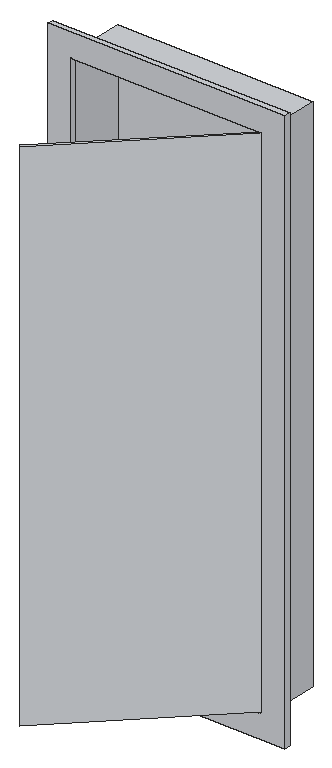
Revit family "Hager-Volta-IP30-Flush_mounted-leer-NoHosted-DE-de", category Electrical Equipment, Revit 2020
Family settings
  Panel Configuration = Two Columns, Circuits Across
  Round Connector Dimension = Use Diameter
  Part Type = Panelboard
  Work Plane-Based = Yes
  Always vertical = Yes
  Cut with Voids When Loaded = No
  Shared = No
  Room Calculation Point = No
Parameters (values of type "Unterputz IP30 B348 H880.5 T98 12 Teilungseinheiten - VU60WWV")
  Width Control [instance] = if([HG000006 - Unterputz], if([EF000846 - Einbaubreite] > min_whd, [EF000846 - Einbaubreite], min_whd), if([EF000008 - Breite] > min_whd, ([EF000008 - Breite]), min_whd))  # 314 mm
  Void Depth [instance] = if([EF000218 - Einbautiefe] > 1 mm, [EF000218 - Einbautiefe], 1 mm)  # 89 mm
  Type Comments = [HG000003 - Bereich]  # "Volta"
  System Height [instance] = Height Control - 2 * [HG000005 - Dicke]  # 839 mm
  Panel Name [instance] = ""  # (empty or 0)
  Offset [instance] = 0 mm
  Model = [HG000004 - Herstellerreferenz]  # "VU60WWV"
  Level Offset [instance] = [Flush Mounted - Door Frame Width] + Offset  # 35 mm
  HG000017 - Distanz zwischen den Polen = 18 mm
  HG000016 - 3D-Türsichtbarkeit [instance] = yes
  HG000015 - Sichtbarkeit der Türöffnung [instance] = no
  HG000014 - Tür rechts [instance] = yes
  HG000013 - Tür links [instance] = not([HG000014 - Tür rechts])  # no
  HG000012 - Türschwenkwinkel [instance] = 45.00°
  HG000011 - Leere Reihen von unten = no
  HG000010 - Asymmetrische Türen = no
  HG000009 - Doppelflügeligen Tür = no
  HG000008 - Anzahl der leeren Reihen = 0
  HG000007 - Anzahl der leeren Spalten = 0
  HG000006 - Unterputz = yes
  HG000005 - Dicke = 3 mm  # constant formula
  HG000004 - Herstellerreferenz = "VU60WWV"
  HG000003 - Bereich = "Volta"
  HG000002 - Mit tür = yes
  HG000001 - Anzahl der Spalten = 0
  EF015941 - Signaldurchlassende Tür = yes
  EF015777 - Neutralleiterklemmenblock = no
  EF015776 - Erdungsklemmenblock = no
  EF009212 - Ausführung Deckel = "EV009916 - mit Ausschnitt"
  EF006306 - Mit Schloss = no
  EF006244 - Transparenter Deckel/Tür = no
  EF005474 - Schutzart (IP) = "EV006410 - IP30"
  EF004462 - Art der Schließung = "EV000154 - sonstige"
  EF002950 - Breite in Teilungseinheiten = 12
  EF001596 - Werkstoff des Gehäuses = "EV000154 - sonstige"
  EF001134 - DIN-Schiene = yes
  EF001131 - Innentiefe = 92 mm
  EF001088 - Anbaumöglichkeit = yes
  EF001062 - EMV-Ausführung = no
  EF000846 - Einbaubreite = 314 mm
  EF000339 - Art der Abdeckung = "EV004216 - Tür"
  EF000332 - Einbauhöhe = 845 mm
  EF000266 - Anzahl der Reihen = 0
  EF000218 - Einbautiefe = 89 mm
  EF000118 - Mit Montageplatte = yes
  EF000116 - RAL-Nummer = "9010"
  EF000049 - Tiefe = 98 mm
  EF000040 - Höhe = 880 mm
  EF000008 - Breite = 348 mm
  EF000007 - Farbe = "EV000202 - weiß"
  EF000003 - Montageart = "EV000383 - Unterputz"
  Description = ""
  Default Elevation = 1219.2 mm
  Arrow Offset [instance] = Depth Control / 8  # 11.125 mm
  Arrow Height [instance] = Depth Control - Arrow Offset  # 77.875 mm
  Host Offset [instance] = if([HG000006 - Unterputz], 0 mm, [EF000049 - Tiefe])  # 0 mm
  min_whd [instance] = (2 * [HG000005 - Dicke]) + 1 mm  # 7 mm
  Manufacturer = "Hager"  # constant formula
  Height Control [instance] = if([HG000006 - Unterputz], if([EF000332 - Einbauhöhe] > min_whd, [EF000332 - Einbauhöhe], min_whd), if([EF000040 - Höhe] > min_whd, ([EF000040 - Höhe]), min_whd))  # 845 mm
  Flush Mounted - Door Frame Width [instance] = if(([EF000040 - Höhe] - [EF000332 - Einbauhöhe]) > 0 mm, if([HG000006 - Unterputz], [EF000040 - Höhe] - [EF000332 - Einbauhöhe], 0 mm), 0 mm)  # 35 mm
  Depth Control [instance] = if([HG000006 - Unterputz], if([EF000218 - Einbautiefe] > 0 mm, [EF000218 - Einbautiefe], 1 mm), if([EF000049 - Tiefe] > 0 mm, ([EF000049 - Tiefe]), 1 mm))  # 89 mm
Types (22, lengths in mm): name | Width Control | Void Depth | System Height | Model | Level Offset | HG000004 - Herstellerreferenz | HG000002 - Mit tür | EF015941 - Signaldurchlassende Tür | EF009212 - Ausführung Deckel | EF005474 - Schutzart (IP) | EF004462 - Art der Schließung | EF001596 - Werkstoff des Gehäuses | EF001134 - DIN-Schiene | EF001062 - EMV-Ausführung | EF000846 - Einbaubreite | EF000339 - Art der Abdeckung | EF000332 - Einbauhöhe | EF000266 - Anzahl der Reihen | EF000218 - Einbautiefe | EF000118 - Mit Montageplatte | EF000116 - RAL-Nummer | EF000049 - Tiefe | EF000040 - Höhe | EF000008 - Breite | EF000007 - Farbe | Arrow Offset | Arrow Height | Height Control | Flush Mounted - Door Frame Width | Depth Control
  Unterputz  B330 H355 T94.5 12 Teilungseinheiten - VU12NK | 335 | 90 | 340 | "VU12NK" | 9 | "VU12NK" | no | no | "EV000116 - geschlossen" | "" | "" | "EV000139 - Kunststoff" | no | yes | 335 | "" | 346 | 1 | 90 | no | "7035" | 94 | 355 | 330 | "EV000270 - grau" | 11.25 | 78.75 | 346 | 9 | 90
  Unterputz  B330 H484 T94.5 12 Teilungseinheiten - VU24NK | 335 | 90 | 465 | "VU24NK" | 13 | "VU24NK" | no | no | "EV000116 - geschlossen" | "" | "" | "EV000139 - Kunststoff" | no | yes | 335 | "" | 471 | 2 | 90 | no | "7035" | 94 | 484 | 330 | "EV000270 - grau" | 11.25 | 78.75 | 471 | 13 | 90
  Unterputz  B330 H609 T94.5 12 Teilungseinheiten - VU36NK | 335 | 90 | 590 | "VU36NK" | 13 | "VU36NK" | no | no | "EV000116 - geschlossen" | "" | "" | "EV000139 - Kunststoff" | no | yes | 335 | "" | 596 | 3 | 90 | no | "7035" | 94 | 609 | 330 | "EV000270 - grau" | 11.25 | 78.75 | 596 | 13 | 90
  Unterputz  B330 H734 T94.5 12 Teilungseinheiten - VU48NK | 335 | 90 | 715 | "VU48NK" | 13 | "VU48NK" | no | no | "EV000116 - geschlossen" | "" | "" | "EV000139 - Kunststoff" | no | yes | 335 | "" | 721 | 4 | 90 | no | "7035" | 94 | 734 | 330 | "EV000270 - grau" | 11.25 | 78.75 | 721 | 13 | 90
  Unterputz  B348 H880 T94.5 12 Teilungseinheiten - VU60NK | 335 | 90 | 840 | "VU60NK" | 34 | "VU60NK" | no | no | "EV000116 - geschlossen" | "" | "" | "EV000139 - Kunststoff" | no | yes | 335 | "" | 846 | 5 | 90 | no | "7035" | 94 | 880 | 348 | "EV000270 - grau" | 11.25 | 78.75 | 846 | 34 | 90
  Unterputz IP30 B348 H505.5 T98 12 Teilungseinheiten - VU24NWB | 314 | 89 | 464 | "VU24NWB" | 36 | "VU24NWB" | yes | no | "EV009916 - mit Ausschnitt" | "EV006410 - IP30" | "EV000154 - sonstige" | "EV000154 - sonstige" | yes | no | 314 | "EV004216 - Tür" | 470 | 0 | 89 | yes | "9010" | 98 | 506 | 348 | "EV000202 - weiß" | 11.125 | 77.875 | 470 | 36 | 89
  Unterputz IP30 B348 H630.5 T98 12 Teilungseinheiten - VU36NKM | 314 | 89 | 589 | "VU36NKM" | 35 | "VU36NKM" | no | no | "EV000116 - geschlossen" | "EV006410 - IP30" | "" | "EV000139 - Kunststoff" | yes | no | 314 | "" | 595 | 0 | 89 | yes | "7035" | 98 | 630 | 348 | "EV000270 - grau" | 11.125 | 77.875 | 595 | 35 | 89
  Unterputz IP30 B348 H630.5 T98 12 Teilungseinheiten - VU36NW | 314 | 89 | 589 | "VU36NW" | 35 | "VU36NW" | yes | no | "EV009916 - mit Ausschnitt" | "EV006410 - IP30" | "EV000154 - sonstige" | "EV000154 - sonstige" | yes | no | 314 | "EV004216 - Tür" | 595 | 0 | 89 | yes | "9010" | 98 | 630 | 348 | "EV000202 - weiß" | 11.125 | 77.875 | 595 | 35 | 89
  Unterputz IP30 B348 H630.5 T98 12 Teilungseinheiten - VU36NWB | 314 | 89 | 589 | "VU36NWB" | 35 | "VU36NWB" | yes | no | "EV009916 - mit Ausschnitt" | "EV006410 - IP30" | "EV000154 - sonstige" | "EV000154 - sonstige" | yes | no | 314 | "EV004216 - Tür" | 595 | 0 | 89 | yes | "9010" | 98 | 630 | 348 | "EV000202 - weiß" | 11.125 | 77.875 | 595 | 35 | 89
  Unterputz IP30 B348 H630.5 T98 12 Teilungseinheiten - VU36WWH | 314 | 89 | 589 | "VU36WWH" | 35 | "VU36WWH" | yes | yes | "EV009916 - mit Ausschnitt" | "EV006410 - IP30" | "EV000154 - sonstige" | "EV000154 - sonstige" | yes | no | 314 | "EV004216 - Tür" | 595 | 0 | 89 | yes | "9010" | 98 | 630 | 348 | "EV000202 - weiß" | 11.125 | 77.875 | 595 | 35 | 89
  Unterputz IP30 B348 H755.5 T98 12 Teilungseinheiten - VU48MMV | 314 | 89 | 714 | "VU48MMV" | 36 | "VU48MMV" | yes | no | "EV009916 - mit Ausschnitt" | "EV006410 - IP30" | "EV000154 - sonstige" | "EV000154 - sonstige" | yes | no | 314 | "EV004216 - Tür" | 720 | 0 | 89 | yes | "9010" | 98 | 756 | 348 | "EV000202 - weiß" | 11.125 | 77.875 | 720 | 36 | 89
  Unterputz IP30 B348 H755.5 T98 12 Teilungseinheiten - VU48NKM | 314 | 89 | 714 | "VU48NKM" | 36 | "VU48NKM" | no | no | "EV000116 - geschlossen" | "EV006410 - IP30" | "" | "EV000139 - Kunststoff" | yes | no | 314 | "" | 720 | 0 | 89 | yes | "7035" | 98 | 756 | 348 | "EV000270 - grau" | 11.125 | 77.875 | 720 | 36 | 89
  Unterputz IP30 B348 H755.5 T98 12 Teilungseinheiten - VU48NW | 314 | 89 | 714 | "VU48NW" | 36 | "VU48NW" | yes | no | "EV009916 - mit Ausschnitt" | "EV006410 - IP30" | "EV000154 - sonstige" | "EV000154 - sonstige" | yes | no | 314 | "EV004216 - Tür" | 720 | 0 | 89 | yes | "9010" | 98 | 756 | 348 | "EV000202 - weiß" | 11.125 | 77.875 | 720 | 36 | 89
  Unterputz IP30 B348 H755.5 T98 12 Teilungseinheiten - VU48NWB | 314 | 89 | 714 | "VU48NWB" | 36 | "VU48NWB" | yes | no | "EV009916 - mit Ausschnitt" | "EV006410 - IP30" | "EV000154 - sonstige" | "EV000154 - sonstige" | yes | no | 314 | "EV004216 - Tür" | 720 | 0 | 89 | yes | "9010" | 98 | 756 | 348 | "EV000202 - weiß" | 11.125 | 77.875 | 720 | 36 | 89
  Unterputz IP30 B348 H755.5 T98 12 Teilungseinheiten - VU48WWH | 314 | 89 | 714 | "VU48WWH" | 36 | "VU48WWH" | yes | yes | "EV009916 - mit Ausschnitt" | "EV006410 - IP30" | "EV000154 - sonstige" | "EV000154 - sonstige" | yes | no | 314 | "EV004216 - Tür" | 720 | 0 | 89 | yes | "9010" | 98 | 756 | 348 | "EV000202 - weiß" | 11.125 | 77.875 | 720 | 36 | 89
  Unterputz IP30 B348 H755.5 T98 12 Teilungseinheiten - VU48WWV | 314 | 89 | 714 | "VU48WWV" | 36 | "VU48WWV" | yes | yes | "EV009916 - mit Ausschnitt" | "EV006410 - IP30" | "EV000154 - sonstige" | "EV000154 - sonstige" | yes | no | 314 | "EV004216 - Tür" | 720 | 0 | 89 | yes | "9010" | 98 | 756 | 348 | "EV000202 - weiß" | 11.125 | 77.875 | 720 | 36 | 89
  Unterputz IP30 B348 H880.5 T98 12 Teilungseinheiten - VU60MMV | 314 | 89 | 839 | "VU60MMV" | 35 | "VU60MMV" | yes | no | "EV009916 - mit Ausschnitt" | "EV006410 - IP30" | "EV000154 - sonstige" | "EV000154 - sonstige" | yes | no | 314 | "EV004216 - Tür" | 845 | 0 | 89 | yes | "9010" | 98 | 880 | 348 | "EV000202 - weiß" | 11.125 | 77.875 | 845 | 35 | 89
  Unterputz IP30 B348 H880.5 T98 12 Teilungseinheiten - VU60NKM | 314 | 89 | 839 | "VU60NKM" | 35 | "VU60NKM" | no | no | "EV000116 - geschlossen" | "EV006410 - IP30" | "" | "EV000139 - Kunststoff" | yes | no | 314 | "" | 845 | 0 | 89 | yes | "7035" | 98 | 880 | 348 | "EV000270 - grau" | 11.125 | 77.875 | 845 | 35 | 89
  Unterputz IP30 B348 H880.5 T98 12 Teilungseinheiten - VU60NW | 314 | 89 | 839 | "VU60NW" | 35 | "VU60NW" | yes | no | "EV009916 - mit Ausschnitt" | "EV006410 - IP30" | "EV000154 - sonstige" | "EV000154 - sonstige" | yes | no | 314 | "EV004216 - Tür" | 845 | 0 | 89 | yes | "9010" | 98 | 880 | 348 | "EV000202 - weiß" | 11.125 | 77.875 | 845 | 35 | 89
  Unterputz IP30 B348 H880.5 T98 12 Teilungseinheiten - VU60NWB | 314 | 89 | 839 | "VU60NWB" | 35 | "VU60NWB" | yes | no | "EV009916 - mit Ausschnitt" | "EV006410 - IP30" | "EV000154 - sonstige" | "EV000154 - sonstige" | yes | no | 314 | "EV004216 - Tür" | 845 | 0 | 89 | yes | "9010" | 98 | 880 | 348 | "EV000202 - weiß" | 11.125 | 77.875 | 845 | 35 | 89
  Unterputz IP30 B348 H880.5 T98 12 Teilungseinheiten - VU60WWH | 314 | 89 | 839 | "VU60WWH" | 35 | "VU60WWH" | yes | yes | "EV009916 - mit Ausschnitt" | "EV006410 - IP30" | "EV000154 - sonstige" | "EV000154 - sonstige" | yes | no | 314 | "EV004216 - Tür" | 845 | 0 | 89 | yes | "9010" | 98 | 880 | 348 | "EV000202 - weiß" | 11.125 | 77.875 | 845 | 35 | 89
  Unterputz IP30 B348 H880.5 T98 12 Teilungseinheiten - VU60WWV | 314 | 89 | 839 | "VU60WWV" | 35 | "VU60WWV" | yes | yes | "EV009916 - mit Ausschnitt" | "EV006410 - IP30" | "EV000154 - sonstige" | "EV000154 - sonstige" | yes | no | 314 | "EV004216 - Tür" | 845 | 0 | 89 | yes | "9010" | 98 | 880 | 348 | "EV000202 - weiß" | 11.125 | 77.875 | 845 | 35 | 89
Reference planes
  plane 1 "Center (Front/Back)": y = 0
  plane 2: z = 0
  plane 3 "Center (Left/Right)": x = 0
  plane 4: y = 38
  plane 5: y = 89
  plane 6: y = 35
  plane 7: z = 0
  plane 8: x = -157
  plane 9: x = 157
  plane 10: x = 154
  plane 11: x = -154
  plane 12: z = 35
  plane 13: z = 38
  plane 14: y = 5
  plane 15: y = 0
  plane 16: y = 86
  plane 17: z = 877
  plane 18: z = 880
  plane 19: z = 457.5
  plane 20: x = 0
  plane 21: y = -100
Forms (mm)
  Extrusion 1, solid
    sketch origin (-208.679, -4572, 35) x (-1, 0, 0) y (0, -1, 0)
      loop
        line (-51.679, -4572) -> (-365.679, -4572) -> (-365.679, -4661) -> (-51.679, -4661) -> (-51.679, -4572)
    from 0 to 845 <- "Height Control"
  Extrusion 2, void
    sketch origin (-350.771, 0, 1219.2) x (1, 0, 0) y (0, 0, 1)
      loop
        line (196.771, -342.2) -> (196.771, -1181.2) -> (504.771, -1181.2) -> (504.771, -342.2) -> (196.771, -342.2)
    from 0 to -86
  Extrusion 3, solid, detail levels coarse+medium
    sketch origin (-350.771, 0, 1219.2) x (-1, 0, 0) y (0, 0, 1)
      loop
        line (-196.771, -342.2) -> (-504.771, -342.2) -> (-504.771, -1181.2) -> (-196.771, -1181.2) -> (-196.771, -342.2)
    from 0 to 3 <- "HG000005 - Dicke"
Cuts and joins
  Extrusion 2 cuts Extrusion 1
Dimensions and locks
  "Flush Mounted - Door Frame Width": plane 1 "Center (Front/Back)" to plane 6
  "HG000005 - Dicke": plane 4 to plane 6
  "HG000005 - Dicke": plane 8 to plane 11
  "HG000005 - Dicke": plane 9 to plane 10
  equal spacing: plane 8, plane 3 "Center (Left/Right)", plane 9
  "Width Control": plane 8 to plane 9
  locked: plane 14 to plane 15 at 5
  "Host Offset": plane 1 "Center (Front/Back)" to plane 15
  "Depth Control": plane 5 to plane 15
  "HG000005 - Dicke": plane 5 to plane 16
  "HG000005 - Dicke": plane 13 to plane 12
  "Level Offset": plane 12 to level
  "HG000005 - Dicke": plane 18 to plane 17
  "Height Control": plane 18 to plane 12
  "Arrow Offset": plane 5 to nested 4
  equal spacing: plane 18, plane 19, plane 12
  locked: connector elem to plane 19
  locked: connector elem to plane 3 "Center (Left/Right)"
  aligned and locked: nested 1 to plane 14
  aligned and locked: plane 3 "Center (Left/Right)" to nested 1
  aligned and locked: plane 3 "Center (Left/Right)" to nested 2
  aligned and locked: nested 2 to plane 15
  aligned and locked: plane 5 to Extrusion 1
  aligned and locked: Extrusion 3 sketch curve to plane 17
  aligned and locked: Extrusion 3 sketch curve to plane 11
  aligned and locked: plane 13 to Extrusion 3 sketch curve
  aligned and locked: Extrusion 3 sketch curve to plane 10
  aligned and locked: plane 13 to Extrusion 2 sketch curve
  aligned and locked: Extrusion 2 sketch curve to plane 10
  aligned and locked: Extrusion 2 sketch curve to plane 17
  aligned and locked: Extrusion 2 sketch curve to plane 11
  aligned and locked: plane 16 to Extrusion 2
  aligned and locked: plane 5 to Extrusion 1 sketch curve
  aligned and locked: plane 9 to Extrusion 1 sketch curve
  aligned and locked: plane 8 to Extrusion 1 sketch curve
  aligned and locked: plane 8 to nested 4
  aligned and locked: plane 8 to nested 3
  aligned and locked: nested 3 to plane 5
  aligned and locked: Extrusion 1 sketch curve to plane 15
  aligned and locked: Extrusion 2 to plane 15
Nested families
  nested 1: "Hager_Enclosure_System" at (0, 5, 38), Flush_Mounted <- "HG000006 - Unterputz", Width <- "EF000008 - Breite", Height <- "System Height", Width_Control <- "Width Control", Row_Module_Multiplicator <- "EF002950 - Breite in Teilungseinheiten", Empty_Columns <- "HG000007 - Anzahl der leeren Spalten", Built-in_Width <- "EF000846 - Einbaubreite", Border <- "HG000005 - Dicke", Total_No_Empty_Rows <- "HG000008 - Anzahl der leeren Reihen", Depth <- "HG000005 - Dicke", Empty_Rows_From_Bottom <- "HG000011 - Leere Reihen von unten", Distance_Between_Poles <- "HG000017 - Distanz zwischen den Polen", Rows_Count <- "EF000266 - Anzahl der Reihen", Columns_Count <- "HG000001 - Anzahl der Spalten", type "Hager_Enclosure_System", detail levels medium+fine
    with Width_Control 314 mm, Width 348 mm, Total_No_Rows 0, Total_No_Empty_Rows 0, Total_No_Columns 1, System_Width 308 mm, Rows_Count 0, Rows_Column 0, Row_Module_Multiplicator 12, Panel_4 no, Panel_3 no, Panel_2 no, Panel_1 no, No_Panels_Ctrl 1, Hide_Columns yes, Height 839 mm, Flush_Mounted yes, Empty_Rows_From_Bottom no, Empty_Rows_Column 0, Empty_Columns 0, Distance_Between_Poles 18 mm, Depth 3 mm, Columns_Count 0, Column_Width 308 mm, Built-in_Width 314 mm, Border 3 mm
  nested 2: "Hager_Enclosure_Door" at (0, 0, 35), Double <- "HG000009 - Doppelflügeligen Tür", Height_Ctrl <- "Height Control", Transparent <- "EF006244 - Transparenter Deckel/Tür", Depth <- "EF000049 - Tiefe", Height <- "EF000040 - Höhe", Angle <- "HG000012 - Türschwenkwinkel", Door_Right <- "HG000014 - Tür rechts", Assymetrical <- "HG000010 - Asymmetrische Türen", Flush_Mounted <- "HG000006 - Unterputz", BuiltIn_Depth <- "EF000218 - Einbautiefe", BuiltIn_Width <- "EF000846 - Einbaubreite", Door <- "HG000002 - Mit tür", Width_Ctrl <- "Width Control", 3d_Door <- "HG000016 - 3D-Türsichtbarkeit", Width <- "EF000008 - Breite", Border <- "HG000005 - Dicke", BuiltIn_Height <- "EF000332 - Einbauhöhe", Clearance <- "HG000015 - Sichtbarkeit der Türöffnung", Door_Left <- "HG000013 - Tür links", type "Hager_Enclosure_Door", detail levels medium+fine
    with min_wh 7 mm, Width_Ctrl 314 mm, Width 348 mm, Transparent_Door_No_Bottom_Border no, Transparent no, Leaf_Width 305 mm, Leaf_Tolerance 1.5 mm, Leaf_Height 836 mm, Leaf_2_Width 305 mm, Leaf_2_Offset 152.5 mm, Leaf_1_Width 305 mm, Leaf_1_Offset 152.5 mm, Height_Ctrl 845 mm, Height 880 mm, Frame_Width_Ctrl 34 mm, Frame_Width 34 mm, Frame_Internal_Offset 3 mm, Frame_Height_Ctrl 35 mm, Frame_Height 35 mm, Frame_Depth_Ctrl 9 mm, Frame_Depth 9 mm, Flush_Mounted yes, Double_Clearance_Ctrl no, Double no, Door_Right_Ctrl yes, Door_Right yes, Door_Left_Ctrl no, Door_Left no, Door yes, Depth 98 mm, Clearance_Depth 305 mm, Clearance_Ctrl no, Clearance no, BuiltIn_Width 314 mm, BuiltIn_Height 845 mm, BuiltIn_Depth 89 mm, Border 3 mm, Assymetrical no, Angle 45.00°, 3d_Door yes
  nested 3: "Hager_Enclosure_Symbol_Triangle" at (-157, 89, 0), Depth <- "Depth Control", Width <- "Width Control", type "Hager_Enclosure_Symbol_Triangle"
    with Width_Ctrl 314 mm, Width 314 mm, Depth_Ctrl 89 mm, Depth 89 mm
  nested 4: "Hager_Enclosure_Symbol_Arrow" at (-157, 77.875, 0), Height <- "Arrow Height", type "Hager_Enclosure_Symbol_Arrow"
    with Width_Inside 5.841 mm, Width 70.087 mm, Height_Ctrl 77.875 mm, Height 77.875 mm
Connectors
  electrical at (0, 89, 457.5)
    settings: on plane 5, index 1, voltage 0 V, apparent load 0 VA, apparent load phase1 0 VA, apparent load phase2 0 VA, apparent load phase3 0 VA, power factor 1, load classification "Other", number of poles 1, system type 30, power factor state 1, is connector primary yes, connector utility no, sub classification motor no, connector description ""
Definition of nested family "Hager_Enclosure_Door"
  Parameters (values of type "Hager_Enclosure_Door")
    min_wh [instance] = (2 * Border) + 1 mm  # 11 mm
    Width_Ctrl [instance] = 400 mm
    Width [instance] = 500 mm
    Transparent_Door_No_Bottom_Border [instance] = no
    Transparent [instance] = yes
    Leaf_Width [instance] = if((Width_Ctrl - 2 * Border - 2 * Leaf_Tolerance) > 0 mm, (Width_Ctrl - 2 * Border - 2 * Leaf_Tolerance), min_wh)  # 387 mm
    Leaf_Tolerance [instance] = 1.5 mm  # constant formula
    Leaf_Height [instance] = if((Height_Ctrl - 2 * Border - 2 * Leaf_Tolerance) > 0 mm, (Height_Ctrl - 2 * Border - 2 * Leaf_Tolerance), min_wh)  # 387 mm
    Leaf_2_Width [instance] = if(and(and(Double, Assymetrical), Door_Left), (Leaf_Width / 3) - (Leaf_Tolerance / 2), if(and(and(Double, Assymetrical), Door_Right), (Leaf_Width / 3) * 2 - (Leaf_Tolerance / 2), if(and(Double, not(Assymetrical)), (Leaf_Width / 2) - Leaf_Tolerance, Leaf_Width)))  # 387 mm
    Leaf_2_Offset [instance] = if(and(Double, Assymetrical), Leaf_2_Width / 2, if(and(Double, not(Assymetrical)), Leaf_Width / 4, Leaf_Width / 2))  # 193.5 mm
    Leaf_1_Width [instance] = if(and(and(Double, Assymetrical), Door_Right), (Leaf_Width / 3) - (Leaf_Tolerance / 2), if(and(and(Double, Assymetrical), Door_Left), (Width / 3) * 2 - (Leaf_Tolerance / 2), if(and(Double, not(Assymetrical)), (Leaf_Width / 2) - Leaf_Tolerance, Leaf_Width)))  # 387 mm
    Leaf_1_Offset [instance] = if(and(Double, Assymetrical), Leaf_1_Width / 2, if(and(Double, not(Assymetrical)), Leaf_Width / 4, Leaf_Width / 2))  # 193.5 mm
    Height_Ctrl [instance] = 400 mm
    Height [instance] = 500 mm
    Frame_Width_Ctrl [instance] = if(Frame_Width > 0 mm, Frame_Width, 1 mm)  # 1 mm
    Frame_Width [instance] = Width - BuiltIn_Width  # 0 mm
    Frame_Internal_Offset [instance] = if(Flush_Mounted, Border, 0 mm)  # 5 mm
    Frame_Height_Ctrl [instance] = if(Frame_Height > 0 mm, Frame_Height, 1 mm)  # 1 mm
    Frame_Height [instance] = Height - BuiltIn_Height  # 0 mm
    Frame_Depth_Ctrl [instance] = if(Frame_Depth > 0 mm, Frame_Depth, 1 mm)  # 1 mm
    Frame_Depth [instance] = if(Depth - BuiltIn_Depth > 0 mm, if(Flush_Mounted, Depth - BuiltIn_Depth, 0 mm), 0 mm)  # 0 mm
    Flush_Mounted [instance] = yes
    Double_Clearance_Ctrl [instance] = and(Double, Clearance)  # no
    Double [instance] = no
    Door_Right_Ctrl [instance] = and(or(Door_Right, Double), Door)  # yes
    Door_Right [instance] = yes
    Door_Left_Ctrl [instance] = and(or(Door_Left, Double), Door)  # no
    Door_Left [instance] = no
    Door [instance] = yes
    Depth [instance] = 500 mm
    Default Elevation = 1219.2 mm
    Clearance_Material = none
    Clearance_Depth [instance] = if(Leaf_1_Width > Leaf_2_Width, Leaf_1_Width, Leaf_2_Width)  # 387 mm
    Clearance_Ctrl [instance] = and(not(Double), Clearance)  # yes
    Clearance [instance] = yes
    BuiltIn_Width [instance] = 500 mm
    BuiltIn_Height [instance] = 500 mm
    BuiltIn_Depth [instance] = 500 mm
    Border [instance] = 5 mm
    Assymetrical [instance] = yes
    Angle [instance] = 30.00°
    3d_Door [instance] = yes
  Reference planes
    plane 1 "Center (Front/Back)": y = 0
    plane 2 "Bottom": z = 0
    plane 3 "Center (Left/Right)": x = 0
    plane 4: z = 400
    plane 5: x = -200
    plane 6: x = 200
    plane 7: z = 395
    plane 8: x = -195
    plane 9: z = 5
    plane 10: x = 195
    plane 11: y = 0
    plane 12: z = 6.5
    plane 13: x = -582
    plane 14: y = -387
    plane 15: x = 582
    plane 16: x = 0
    plane 17: x = 0
    plane 18: x = -193.5
    plane 19: x = 193.5
    plane 20: z = 393.5
  Forms (mm)
    Extrusion 1, solid, visible <- "Flush_Mounted"
      sketch origin (0, 0, 0) x (1, 0, 0) y (0, 0, 1)
        loop
          line (195, 5) -> (195, 395) -> (-195, 395) -> (-195, 5) -> (195, 5)
        loop
          line (-201, 401) -> (-201, -1) -> (201, -1) -> (201, 401) -> (-201, 401)
      from 0 to 1 <- "Frame_Depth_Ctrl"
    Extrusion 2, solid, material <- "Clearance_Material", visible <- "Double_Clearance_Ctrl"
      sketch origin (1200, 0, 0) x (1, 0, 0) y (0, 0, -1)
        loop
          line (-1782, -393.5) -> (-618, -393.5) -> (-618, 0) -> (-1782, 0) -> (-1782, -393.5)
      from 0 to -387
  Dimensions and locks
    equal spacing: plane 5, plane 3 "Center (Left/Right)", plane 6
    "Width_Ctrl": plane 5 to plane 6
    "Border": plane 5 to plane 8
    "Border": plane 6 to plane 10
    "Border": plane 9 to level
    "Border": plane 4 to plane 7
    "Height_Ctrl": plane 4 to level
    "Leaf_Tolerance": plane 12 to plane 9
    "Frame_Depth": plane 11 to plane 1 "Center (Front/Back)"
    "Frame_Width_Ctrl": plane 5 to Extrusion 1 sketch curve
    "Frame_Width_Ctrl": plane 6 to Extrusion 1 sketch curve
    "Frame_Width_Ctrl": Extrusion 1 sketch curve to plane 4
    "Frame_Width_Ctrl": plane 2 "Bottom" to Extrusion 1 sketch curve
    "Leaf_1_Offset": plane 18 to plane 16
    "Leaf_2_Offset": plane 17 to plane 19
    "Leaf_1_Width": plane 13 to plane 8
    "Leaf_2_Width": plane 10 to plane 15
    "Clearance_Depth": plane 14 to plane 1 "Center (Front/Back)"
    "Leaf_Tolerance": plane 8 to plane 18
    "Leaf_Tolerance": plane 19 to plane 10
    "Leaf_Tolerance": plane 7 to plane 20
    "Frame_Internal_Offset": plane 5 to Extrusion 1 sketch curve
    "Frame_Internal_Offset": Extrusion 1 sketch curve to plane 2 "Bottom"
    "Frame_Internal_Offset": plane 6 to Extrusion 1 sketch curve
    "Frame_Internal_Offset": plane 4 to Extrusion 1 sketch curve
    aligned and locked: level to plane 2 "Bottom"
    aligned and locked: nested 1 to plane 16
    aligned and locked: nested 2 to plane 17
    aligned and locked: Extrusion 2 to plane 13
    aligned and locked: plane 15 to Extrusion 2
    aligned and locked: Extrusion 2 to plane 14
    aligned and locked: plane 12 to nested 1
    aligned and locked: nested 2 to plane 12
    aligned and locked: Extrusion 2 to plane 11
    aligned and locked: plane 20 to Extrusion 2
    aligned and locked: nested 2 to plane 11
    aligned and locked: nested 1 to plane 11
  Automatic sketch dimensions
    Extrusion 2 sketch curve to level = 0 mm
    plane 5 to Extrusion 2 sketch curve = 382 mm
    plane 6 to Extrusion 2 sketch curve = 382 mm
    Extrusion 2 sketch curve to plane 4 = 6.5 mm
  Nested families
    nested 1: "Hager_Enclosure_Door_Leaf" at (0, 0, 6.5), Width <- "Leaf_1_Width", visible <- "Door_Left_Ctrl", Leaf_Height <- "Leaf_Height", Angle <- "Angle", Depth <- "Border", 3d_Door <- "3d_Door", Transparent <- "Transparent", Clearance Material <- "Clearance_Material", Clearance <- "Clearance_Ctrl", Transparent_Door_No_Bottom_Border <- "Transparent_Door_No_Bottom_Border", type "Hager_Enclosure_Door_Leaf"
      with Width 387 mm, Transparent_Door_No_Bottom_Border no, Transparent_Door_Border_Bottom_Top 25 mm, Transparent_Door_Border 25 mm, Transparent_Ctrl yes, Transparent yes, Standard no, Leaf_Height 387 mm, Glass_Offset 1 mm, Depth 5 mm, Clearance Material none, Clearance yes, Angle_Ctrl 30.00°, Angle 30.00°, 3d_Door yes
    nested 2: "Hager_Enclosure_Door_Leaf" at (0, 0, 6.5) x (-1, 0, 0) z (0, 0, 1), Width <- "Leaf_2_Width", visible <- "Door_Right_Ctrl", Leaf_Height <- "Leaf_Height", Angle <- "Angle", Depth <- "Border", 3d_Door <- "3d_Door", Transparent <- "Transparent", Clearance Material <- "Clearance_Material", Clearance <- "Clearance_Ctrl", Transparent_Door_No_Bottom_Border <- "Transparent_Door_No_Bottom_Border", type "Hager_Enclosure_Door_Leaf"
      with Width 387 mm, Transparent_Door_No_Bottom_Border no, Transparent_Door_Border_Bottom_Top 25 mm, Transparent_Door_Border 25 mm, Transparent_Ctrl yes, Transparent yes, Standard no, Leaf_Height 387 mm, Glass_Offset 1 mm, Depth 5 mm, Clearance Material none, Clearance yes, Angle_Ctrl 30.00°, Angle 30.00°, 3d_Door yes
  Definition of nested family "Hager_Enclosure_Door_Leaf"
    Parameters (values of type "Hager_Enclosure_Door_Leaf")
      Width [instance] = 2000 mm
      Transparent_Door_No_Bottom_Border [instance] = yes
      Transparent_Door_Border_Bottom_Top [instance] = if(Transparent_Door_No_Bottom_Border, 0.1 mm, Transparent_Door_Border)  # 0.1 mm
      Transparent_Door_Border [instance] = if(Transparent_Door_No_Bottom_Border, (Width * 0.12), 25 mm)  # 240 mm
      Transparent_Ctrl [instance] = and(Transparent, [3d_Door])  # yes
      Transparent [instance] = yes
      Standard [instance] = and(not(Transparent), [3d_Door])  # no
      Leaf_Height [instance] = 2720.336 mm
      Glass_Offset [instance] = if((Depth - 10 mm) / 2 > 0 mm, (Depth - 10 mm) / 2, 1 mm)  # 15 mm
      Glass_Material = none
      Depth [instance] = 40 mm
      Default Elevation = 0 mm
      Clearance Material [instance] = none
      Clearance [instance] = yes
      Angle_Ctrl [instance] = if(Angle > 170.00°, 170.00°, Angle)  # 45.00°
      Angle [instance] = 45.00°
      3d_Door [instance] = yes
    Reference planes
      plane 1 "Center (Front/Back)": y = 0
      plane 2: z = 0
      plane 3 "Center (Left/Right)": x = 0
      plane 4: y = 2000
      plane 5: x = -1000
      plane 6: x = 1000
      plane 7: x = -3000
      plane 8: z = 2720.336
      plane 9: z = 0.1
      plane 10: z = 2720.236
      plane 11: x = 760
      plane 12: x = -760
    Forms (mm)
      Extrusion 1, solid, material <- "Clearance Material", visible <- "Clearance"
        sketch origin (0, 0, 0) x (1, 0, 0) y (0, 0, 1)
          loop
            line (-3000, 2720.336) -> (-3000, 0) -> (1000, 0) -> (1000, 2720.336) -> (-3000, 2720.336)
        from 0 to -2000
      Extrusion 2, solid, visible <- "Standard", detail levels medium+fine
        sketch origin (-1000, 0, 0) x (0.707107, 0.707107, 0) y (-0.707107, 0.707107, 0)
          loop
            line (0, -40) -> (2000, -40) -> (2000, 0) -> (0, 0) -> (0, -40)
        from 0 to 2720.336 <- "Leaf_Height"
      Extrusion 3, solid, visible <- "Transparent_Ctrl", detail levels medium+fine
        sketch origin (-1000, 0, 0) x (0.707107, 0.707107, 0) y (-0.707107, 0.707107, 0)
          loop
            line (0, -40) -> (2000, -40) -> (2000, 0) -> (0, 0) -> (0, -40)
        from 0 to 2720.336 <- "Leaf_Height"
      Extrusion 4, void, detail levels medium+fine
        sketch origin (-1000, 0, 0) x (-0.707107, 0.707107, 0) y (0.707107, 0.707107, 0)
          loop
            line (0, 240) -> (0, 1760) -> (-40, 1760) -> (-40, 240) -> (0, 240)
        from -2720.236 to -0.1
      Extrusion 5, solid, material <- "Glass_Material", visible <- "Transparent_Ctrl", detail levels medium+fine
        sketch origin (-1000, 0, 0) x (0.707107, 0.707107, 0) y (-0.707107, 0.707107, 0)
          loop
            line (240, -15) -> (240, -25) -> (1760, -25) -> (1760, -15) -> (240, -15)
        from 0.1 to 2720.236
    Cuts and joins
      Extrusion 4 cuts Extrusion 3
    Lines and regions (mm)
      symbolic lines
        curve 1: line (1000, 0, 0) -> (-3000, 0, 0)
        curve 2: arc (1000, 0, 0) -> (-1000, 2000, 0) -> (-3000, 0, 0) r 2000
        curve 4: line (-1000, 0, 0) -> (414.214, 1414.214, 0)
      reference lines
        curve 3: line (-1000, 0, 0) -> (414.214, 1414.214, 0)
      symbolic lines, detail levels medium+fine
        curve 5: line (414.214, 1414.214, 0) -> (442.498, 1385.929, 0)
        curve 6: line (442.498, 1385.929, 0) -> (-971.716, -28.284, 0)
        curve 7: line (-971.716, -28.284, 0) -> (-1000, 0, 0)
        curve 8: line (-1000, 0, 2720.336) -> (1000, 0, 2720.336)
        curve 9: line (-1000, 0, 0) -> (-1000, 0, 2720.336)
        curve 10: line (1000, 0, 0) -> (-1000, 0, 0)
        curve 11: line (1000, 0, 2720.336) -> (1000, 0, 0)
      symbolic lines, visible <- "Transparent_Ctrl", detail levels medium+fine
        curve 12: line (-760, 0, 2720.236) -> (760, 0, 2720.236)
        curve 13: line (-760, 0, 0.1) -> (-760, 0, 2720.236)
        curve 14: line (760, 0, 0.1) -> (-760, 0, 0.1)
        curve 15: line (760, 0, 2720.236) -> (760, 0, 0.1)
    Dimensions and locks
      "Width": plane 1 "Center (Front/Back)" to plane 4
      equal spacing: plane 5, plane 3 "Center (Left/Right)", plane 6
      "Width": plane 5 to plane 6
      "Width": plane 7 to plane 5
      "Leaf_Height": plane 8 to level
      "Depth": curve 6 to curve 3
      "Width": curve 5 to curve 3
      "Width": curve 3 to curve 3
      "Transparent_Door_Border": Extrusion 4 sketch curve to curve 7
      "Transparent_Door_Border": Extrusion 4 sketch curve to curve 5
      "Transparent_Door_Border_Bottom_Top": plane 8 to plane 10
      "Transparent_Door_Border_Bottom_Top": plane 9 to level
      "Glass_Offset": Extrusion 5 sketch curve to curve 4
      "Glass_Offset": Extrusion 5 sketch curve to curve 6
      "Transparent_Door_Border": Extrusion 5 sketch curve to curve 5
      "Transparent_Door_Border": Extrusion 5 sketch curve to curve 7
      "Transparent_Door_Border": plane 12 to plane 5
      "Transparent_Door_Border": plane 6 to plane 11
      "Angle_Ctrl": angle plane 1 "Center (Front/Back)" to curve 3
      aligned and locked: level to plane 2
      aligned and locked: Extrusion 1 to curve 1
      aligned and locked: plane 6 to Extrusion 1
      aligned and locked: Extrusion 1 to plane 1 "Center (Front/Back)"
      aligned and locked: plane 4 to Extrusion 1
      aligned and locked: plane 8 to Extrusion 1
      aligned and locked: curve 4 to curve 3
      aligned and locked: Extrusion 2 sketch curve to curve 7
      aligned and locked: Extrusion 2 sketch curve to curve 6
      aligned and locked: Extrusion 2 sketch curve to curve 5
      aligned and locked: Extrusion 2 sketch curve to curve 3
      aligned and locked: curve 7 to Extrusion 3 sketch curve
      aligned and locked: Extrusion 3 sketch curve to curve 4
      aligned and locked: Extrusion 3 sketch curve to curve 6
      aligned and locked: Extrusion 3 sketch curve to curve 5
      aligned and locked: curve 4 to Extrusion 4 sketch curve
      aligned and locked: curve 6 to Extrusion 4 sketch curve
      aligned and locked: Extrusion 4 to plane 9
      aligned and locked: Extrusion 4 to plane 10
      aligned and locked: Extrusion 5 to plane 9
      aligned and locked: Extrusion 5 to plane 10
      aligned and locked: curve 8 to plane 8
      aligned and locked: plane 5 to curve 9
      aligned and locked: plane 2 to curve 10
      aligned and locked: curve 11 to plane 6
      aligned and locked: plane 10 to curve 12
      aligned and locked: plane 12 to curve 13
      aligned and locked: curve 14 to plane 9
      aligned and locked: plane 11 to curve 15
    Automatic sketch dimensions
      plane 1 "Center (Front/Back)" to curve 2 = 0 mm
      curve 2 to plane 5 = 0 mm
      Extrusion 1 sketch curve to level = 0 mm
      Extrusion 1 sketch curve to plane 7 = 0 mm
      Extrusion 1 sketch curve to plane 6 = 0 mm
      Extrusion 1 sketch curve to plane 8 = 0 mm
      plane 1 "Center (Front/Back)" to curve 3 = 0 mm
      curve 3 to plane 5 = 0 mm
      curve 7 to curve 3 = 0 mm
Definition of nested family "Hager_Enclosure_Symbol_Triangle"
  Parameters (values of type "Hager_Enclosure_Symbol_Triangle")
    Width_Ctrl [instance] = if(Width > 1 mm, Width, 1 mm)  # 498 mm
    Width [instance] = 498 mm
    Depth_Ctrl [instance] = if(Depth > 1 mm, Depth, 1 mm)  # 72 mm
    Depth [instance] = 72 mm
  Reference planes
    plane 1 "Centre (avant/arrière)": y = 0
    plane 2: z = 0
    plane 3 "Centre (gauche/droite)": x = 0
  Lines and regions (mm)
    Filled region 1, type "Solid_Black", in view "Niveau de réf."
      outline origin (0, 0, 0) x (1, 0, 0) y (0, 1, 0)
        loop
          line (0, 0) -> (498, 0) -> (498, 72) -> (0, 0)
    reference lines, in view "Niveau de réf."
      curve 1: line (-206.153, 72, 0) -> (1083.258, 72, 0)
      curve 2: line (498, 405.456, 0) -> (498, -517.619, 0)
  Dimensions and locks
    "Depth_Ctrl": plane 1 "Centre (avant/arrière)" to curve 1
    "Width_Ctrl": plane 3 "Centre (gauche/droite)" to curve 2
    aligned and locked: curve 1 to Filled region 1 sketch curve
    aligned and locked: Filled region 1 sketch curve to plane 1 "Centre (avant/arrière)"
    aligned and locked: curve 2 to Filled region 1 sketch curve
    aligned and locked: plane 3 "Centre (gauche/droite)" to Filled region 1 sketch curve
    aligned and locked: plane 1 "Centre (avant/arrière)" to Filled region 1 sketch curve
  Automatic sketch dimensions
    curve 1 to plane 3 "Centre (gauche/droite)" = 206.153 mm
    curve 2 to curve 1 = 585.258 mm
    plane 1 "Centre (avant/arrière)" to curve 2 = 517.619 mm
    curve 2 to plane 1 "Centre (avant/arrière)" = 405.456 mm
Definition of nested family "Hager_Enclosure_Symbol_Arrow"
  Parameters (values of type "Hager_Enclosure_Symbol_Arrow")
    Width_Inside [instance] = if(Width / 12 > 2 mm, Width / 12, 2 mm)  # 4.987 mm
    Width [instance] = if(Height_Ctrl * 0.9 > 2 mm, Height_Ctrl * 0.9, 2 mm)  # 59.85 mm
    Height_Ctrl [instance] = if(Height > 2 mm, Height, 2 mm)  # 66.5 mm
    Height [instance] = 66.5 mm
  Reference planes
    plane 1 "Centre (avant/arrière)": y = 0
    plane 2: z = 0
    plane 3 "Centre (gauche/droite)": x = 0
    plane 4: x = 59.85
    plane 5: y = 28.263
    plane 6: y = 38.238
    plane 7: y = 66.5
    plane 8: x = 29.925
    plane 9: y = 33.25
  Lines and regions (mm)
    Filled region 1, type "Solid_Black", in view "Niveau de réf."
      outline origin (0, 0, 0) x (1, 0, 0) y (0, 1, 0)
        loop
          line (59.85, 66.5) -> (37.929, 52.827) -> (51.846, 41.935) -> (59.85, 66.5)
    detail lines, in view "Niveau de réf."
      curve 1: line (0, 0, 0) -> (29.925, 38.238, 0)
      curve 2: line (29.925, 38.238, 0) -> (29.925, 28.263, 0)
      curve 3: line (29.925, 28.263, 0) -> (59.85, 66.5, 0)
  Dimensions and locks
    "Width": plane 3 "Centre (gauche/droite)" to plane 4
    "Height_Ctrl": plane 7 to plane 1 "Centre (avant/arrière)"
    equal spacing: plane 3 "Centre (gauche/droite)", plane 8, plane 4
    equal spacing: plane 7, plane 9, plane 1 "Centre (avant/arrière)"
    equal spacing: plane 6, plane 9, plane 5
    "Width_Inside": plane 6 to plane 9
    equal spacing: curve 3, Filled region 1 sketch curve, Filled region 1 sketch curve
    angle Filled region 1 sketch curve to curve 3 = 20.00°
    angle curve 3 to Filled region 1 sketch curve = 20.00°
    locked: curve 3 to Filled region 1 sketch curve (angle 90.00°)
  Automatic sketch dimensions
    plane 1 "Centre (avant/arrière)" to curve 1 = 0 mm
    curve 1 to plane 3 "Centre (gauche/droite)" = 0 mm
    curve 2 to plane 6 = 0 mm
    curve 3 to plane 8 = 0 mm
    curve 3 to plane 4 = 0 mm
    curve 2 to plane 5 = 0 mm
    curve 3 to plane 7 = 0 mm
    Filled region 1 sketch curve to plane 4 = 0 mm
    Filled region 1 sketch curve to plane 7 = 0 mm
